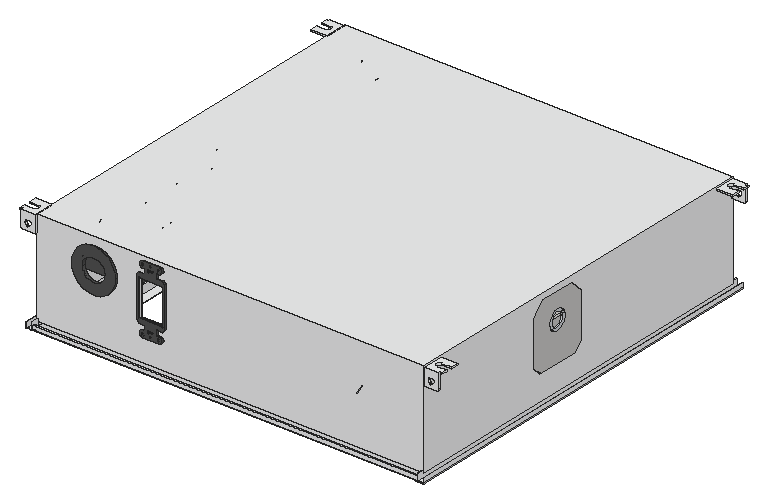
Revit family "AV-Connectivity_Ceiling-Boxes_CB-22_FSR", category Specialty Equipment, host Ceiling, Revit 2026 (continued)
Definition of nested family "CB-22-1"
  Forms (in)
    Extrusion 5, void
      sketch origin (0, -19.78167, 0) x (0, -1, 0) y (1, 0, 0)
        loop
          arc (-16.65046, -2.69674) -> (-16.54014, -2.69674) -> (-16.54014, -2.58642) r 0.07801
        loop
          line (-15.7424, -1.33454) -> (-16.33924, -1.93138)
          arc (-16.33924, -1.93138) -> (-16.33924, -2.04169) -> (-16.22892, -2.04169) r 0.07801
          line (-16.22892, -2.04169) -> (-15.63208, -1.44485)
          arc (-15.63208, -1.44485) -> (-15.63208, -1.33454) -> (-15.7424, -1.33454) r 0.07801
        loop
          line (-16.54014, -1.93138) -> (-17.13698, -1.33454)
          arc (-17.13698, -1.33454) -> (-17.2473, -1.33454) -> (-17.2473, -1.44485) r 0.07801
          line (-17.2473, -1.44485) -> (-16.65046, -2.04169)
          arc (-16.65046, -2.04169) -> (-16.54014, -2.04169) -> (-16.54014, -1.93138) r 0.07801
        loop
          line (-15.7424, -0.8345) -> (-16.33924, -1.43134)
          arc (-16.33924, -1.43134) -> (-16.33924, -1.54166) -> (-16.22892, -1.54166) r 0.07801
          line (-16.22892, -1.54166) -> (-15.63208, -0.94482)
          arc (-15.63208, -0.94482) -> (-15.63208, -0.8345) -> (-15.7424, -0.8345) r 0.07801
        loop
          line (-16.54014, -1.43134) -> (-17.13698, -0.8345)
          arc (-17.13698, -0.8345) -> (-17.2473, -0.8345) -> (-17.2473, -0.94482) r 0.07801
          line (-17.2473, -0.94482) -> (-16.65046, -1.54166)
          arc (-16.65046, -1.54166) -> (-16.54014, -1.54166) -> (-16.54014, -1.43134) r 0.07801
        loop
          line (-15.7424, -0.33571) -> (-16.33924, -0.93255)
          arc (-16.33924, -0.93255) -> (-16.33924, -1.04286) -> (-16.22892, -1.04286) r 0.07801
          line (-16.22892, -1.04286) -> (-15.63208, -0.44603)
          arc (-15.63208, -0.44603) -> (-15.63208, -0.33571) -> (-15.7424, -0.33571) r 0.07801
        loop
          line (-16.54014, -0.93255) -> (-17.13698, -0.33571)
          arc (-17.13698, -0.33571) -> (-17.2473, -0.33571) -> (-17.2473, -0.44603) r 0.07801
          line (-17.2473, -0.44603) -> (-16.65046, -1.04286)
          arc (-16.65046, -1.04286) -> (-16.54014, -1.04286) -> (-16.54014, -0.93255) r 0.07801
        loop
          line (-15.7424, 0.16556) -> (-16.33924, -0.43127)
          arc (-16.33924, -0.43127) -> (-16.33924, -0.54159) -> (-16.22892, -0.54159) r 0.07801
          line (-16.22892, -0.54159) -> (-15.63208, 0.05525)
          arc (-15.63208, 0.05525) -> (-15.63208, 0.16556) -> (-15.7424, 0.16556) r 0.07801
        loop
          line (-16.54014, -0.43127) -> (-17.13698, 0.16556)
          arc (-17.13698, 0.16556) -> (-17.2473, 0.16556) -> (-17.2473, 0.05525) r 0.07801
          line (-17.2473, 0.05525) -> (-16.65046, -0.54159)
          arc (-16.65046, -0.54159) -> (-16.54014, -0.54159) -> (-16.54014, -0.43127) r 0.07801
        loop
          line (-15.7424, 0.66436) -> (-16.33924, 0.06752)
          arc (-16.33924, 0.06752) -> (-16.33924, -0.0428) -> (-16.22892, -0.0428) r 0.07801
          line (-16.22892, -0.0428) -> (-15.63208, 0.55404)
          arc (-15.63208, 0.55404) -> (-15.63208, 0.66436) -> (-15.7424, 0.66436) r 0.07801
        loop
          line (-16.54014, 0.06752) -> (-17.13698, 0.66436)
          arc (-17.13698, 0.66436) -> (-17.2473, 0.66436) -> (-17.2473, 0.55404) r 0.07801
          line (-17.2473, 0.55404) -> (-16.65046, -0.0428)
          arc (-16.65046, -0.0428) -> (-16.54014, -0.0428) -> (-16.54014, 0.06752) r 0.07801
        loop
          line (-15.7424, 1.16439) -> (-16.33924, 0.56755)
          arc (-16.33924, 0.56755) -> (-16.33924, 0.45724) -> (-16.22892, 0.45724) r 0.07801
          line (-16.22892, 0.45724) -> (-15.63208, 1.05408)
          arc (-15.63208, 1.05408) -> (-15.63208, 1.16439) -> (-15.7424, 1.16439) r 0.07801
        loop
          line (-16.54014, 0.56755) -> (-17.13698, 1.16439)
          arc (-17.13698, 1.16439) -> (-17.2473, 1.16439) -> (-17.2473, 1.05408) r 0.07801
          line (-17.2473, 1.05408) -> (-16.65046, 0.45724)
          arc (-16.65046, 0.45724) -> (-16.54014, 0.45724) -> (-16.54014, 0.56755) r 0.07801
        loop
          line (-15.7424, 1.66319) -> (-16.33924, 1.06635)
          arc (-16.33924, 1.06635) -> (-16.33924, 0.95603) -> (-16.22892, 0.95603) r 0.07801
          line (-16.22892, 0.95603) -> (-15.63208, 1.55287)
          arc (-15.63208, 1.55287) -> (-15.63208, 1.66319) -> (-15.7424, 1.66319) r 0.07801
        loop
          line (-16.54014, 1.06635) -> (-17.13698, 1.66319)
          arc (-17.13698, 1.66319) -> (-17.2473, 1.66319) -> (-17.2473, 1.55287) r 0.07801
          line (-17.2473, 1.55287) -> (-16.65046, 0.95603)
          arc (-16.65046, 0.95603) -> (-16.54014, 0.95603) -> (-16.54014, 1.06635) r 0.07801
        loop
          line (-15.7424, 2.16694) -> (-16.33924, 1.5701)
          arc (-16.33924, 1.5701) -> (-16.33924, 1.45978) -> (-16.22892, 1.45978) r 0.07801
          line (-16.22892, 1.45978) -> (-15.63208, 2.05662)
          arc (-15.63208, 2.05662) -> (-15.63208, 2.16694) -> (-15.7424, 2.16694) r 0.07801
        loop
          line (-16.54014, 1.5701) -> (-17.13698, 2.16694)
          arc (-17.13698, 2.16694) -> (-17.2473, 2.16694) -> (-17.2473, 2.05662) r 0.07801
          line (-17.2473, 2.05662) -> (-16.65046, 1.45978)
          arc (-16.65046, 1.45978) -> (-16.54014, 1.45978) -> (-16.54014, 1.5701) r 0.07801
        loop
          line (-15.7424, 2.66573) -> (-16.33924, 2.0689)
          arc (-16.33924, 2.0689) -> (-16.33924, 1.95858) -> (-16.22892, 1.95858) r 0.07801
          line (-16.22892, 1.95858) -> (-15.63208, 2.55542)
          arc (-15.63208, 2.55542) -> (-15.63208, 2.66573) -> (-15.7424, 2.66573) r 0.07801
        loop
          line (-16.54014, 2.0689) -> (-17.13698, 2.66573)
          arc (-17.13698, 2.66573) -> (-17.2473, 2.66573) -> (-17.2473, 2.55542) r 0.07801
          line (-17.2473, 2.55542) -> (-16.65046, 1.95858)
          arc (-16.65046, 1.95858) -> (-16.54014, 1.95858) -> (-16.54014, 2.0689) r 0.07801
        loop
          arc (-15.7424, 7.89198) -> (-15.63208, 7.89198) -> (-15.63208, 8.0023) r 0.07801
          line (-15.63208, 8.0023) -> (-16.22892, 8.59913)
          arc (-16.22892, 8.59913) -> (-16.33924, 8.59913) -> (-16.33924, 8.48882) r 0.07801
          line (-16.33924, 8.48882) -> (-15.7424, 7.89198)
        loop
          arc (-16.54014, 8.48882) -> (-16.54014, 8.59913) -> (-16.65046, 8.59913) r 0.07801
          line (-16.65046, 8.59913) -> (-17.2473, 8.0023)
          arc (-17.2473, 8.0023) -> (-17.2473, 7.89198) -> (-17.13698, 7.89198) r 0.07801
          line (-17.13698, 7.89198) -> (-16.54014, 8.48882)
        loop
          arc (-15.7424, 7.23694) -> (-15.63208, 7.23694) -> (-15.63208, 7.34725) r 0.07801
          line (-15.63208, 7.34725) -> (-16.22892, 7.94409)
          arc (-16.22892, 7.94409) -> (-16.33924, 7.94409) -> (-16.33924, 7.83377) r 0.07801
          line (-16.33924, 7.83377) -> (-15.7424, 7.23694)
        loop
          arc (-16.54014, 7.83377) -> (-16.54014, 7.94409) -> (-16.65046, 7.94409) r 0.07801
          line (-16.65046, 7.94409) -> (-17.2473, 7.34725)
          arc (-17.2473, 7.34725) -> (-17.2473, 7.23694) -> (-17.13698, 7.23694) r 0.07801
          line (-17.13698, 7.23694) -> (-16.54014, 7.83377)
        loop
          arc (-15.7424, 6.7369) -> (-15.63208, 6.7369) -> (-15.63208, 6.84722) r 0.07801
          line (-15.63208, 6.84722) -> (-16.22892, 7.44406)
          arc (-16.22892, 7.44406) -> (-16.33924, 7.44406) -> (-16.33924, 7.33374) r 0.07801
          line (-16.33924, 7.33374) -> (-15.7424, 6.7369)
        loop
          arc (-16.54014, 7.33374) -> (-16.54014, 7.44406) -> (-16.65046, 7.44406) r 0.07801
          line (-16.65046, 7.44406) -> (-17.2473, 6.84722)
          arc (-17.2473, 6.84722) -> (-17.2473, 6.7369) -> (-17.13698, 6.7369) r 0.07801
          line (-17.13698, 6.7369) -> (-16.54014, 7.33374)
        loop
          arc (-15.7424, 6.23811) -> (-15.63208, 6.23811) -> (-15.63208, 6.34842) r 0.07801
          line (-15.63208, 6.34842) -> (-16.22892, 6.94526)
          arc (-16.22892, 6.94526) -> (-16.33924, 6.94526) -> (-16.33924, 6.83495) r 0.07801
          line (-16.33924, 6.83495) -> (-15.7424, 6.23811)
        loop
          arc (-16.54014, 6.83495) -> (-16.54014, 6.94526) -> (-16.65046, 6.94526) r 0.07801
          line (-16.65046, 6.94526) -> (-17.2473, 6.34842)
          arc (-17.2473, 6.34842) -> (-17.2473, 6.23811) -> (-17.13698, 6.23811) r 0.07801
          line (-17.13698, 6.23811) -> (-16.54014, 6.83495)
        loop
          arc (-15.7424, 5.73683) -> (-15.63208, 5.73683) -> (-15.63208, 5.84715) r 0.07801
          line (-15.63208, 5.84715) -> (-16.22892, 6.44399)
          arc (-16.22892, 6.44399) -> (-16.33924, 6.44399) -> (-16.33924, 6.33367) r 0.07801
          line (-16.33924, 6.33367) -> (-15.7424, 5.73683)
        loop
          arc (-16.54014, 6.33367) -> (-16.54014, 6.44399) -> (-16.65046, 6.44399) r 0.07801
          line (-16.65046, 6.44399) -> (-17.2473, 5.84715)
          arc (-17.2473, 5.84715) -> (-17.2473, 5.73683) -> (-17.13698, 5.73683) r 0.07801
          line (-17.13698, 5.73683) -> (-16.54014, 6.33367)
        loop
          arc (-15.7424, 5.23804) -> (-15.63208, 5.23804) -> (-15.63208, 5.34836) r 0.07801
          line (-15.63208, 5.34836) -> (-16.22892, 5.94519)
          arc (-16.22892, 5.94519) -> (-16.33924, 5.94519) -> (-16.33924, 5.83488) r 0.07801
          line (-16.33924, 5.83488) -> (-15.7424, 5.23804)
        loop
          arc (-16.54014, 5.83488) -> (-16.54014, 5.94519) -> (-16.65046, 5.94519) r 0.07801
          line (-16.65046, 5.94519) -> (-17.2473, 5.34836)
          arc (-17.2473, 5.34836) -> (-17.2473, 5.23804) -> (-17.13698, 5.23804) r 0.07801
          line (-17.13698, 5.23804) -> (-16.54014, 5.83488)
        loop
          arc (-15.7424, 4.73801) -> (-15.63208, 4.73801) -> (-15.63208, 4.84832) r 0.07801
          line (-15.63208, 4.84832) -> (-16.22892, 5.44516)
          arc (-16.22892, 5.44516) -> (-16.33924, 5.44516) -> (-16.33924, 5.33484) r 0.07801
          line (-16.33924, 5.33484) -> (-15.7424, 4.73801)
        loop
          arc (-16.54014, 5.33484) -> (-16.54014, 5.44516) -> (-16.65046, 5.44516) r 0.07801
          line (-16.65046, 5.44516) -> (-17.2473, 4.84832)
          arc (-17.2473, 4.84832) -> (-17.2473, 4.73801) -> (-17.13698, 4.73801) r 0.07801
          line (-17.13698, 4.73801) -> (-16.54014, 5.33484)
        loop
          arc (-15.7424, 4.23921) -> (-15.63208, 4.23921) -> (-15.63208, 4.34953) r 0.07801
          line (-15.63208, 4.34953) -> (-16.22892, 4.94637)
          arc (-16.22892, 4.94637) -> (-16.33924, 4.94637) -> (-16.33924, 4.83605) r 0.07801
          line (-16.33924, 4.83605) -> (-15.7424, 4.23921)
        loop
          arc (-16.54014, 4.83605) -> (-16.54014, 4.94637) -> (-16.65046, 4.94637) r 0.07801
          line (-16.65046, 4.94637) -> (-17.2473, 4.34953)
          arc (-17.2473, 4.34953) -> (-17.2473, 4.23921) -> (-17.13698, 4.23921) r 0.07801
          line (-17.13698, 4.23921) -> (-16.54014, 4.83605)
        loop
          arc (-15.7424, 3.73546) -> (-15.63208, 3.73546) -> (-15.63208, 3.84578) r 0.07801
          line (-15.63208, 3.84578) -> (-16.22892, 4.44261)
          arc (-16.22892, 4.44261) -> (-16.33924, 4.44261) -> (-16.33924, 4.3323) r 0.07801
          line (-16.33924, 4.3323) -> (-15.7424, 3.73546)
        loop
          arc (-16.54014, 4.3323) -> (-16.54014, 4.44261) -> (-16.65046, 4.44261) r 0.07801
          line (-16.65046, 4.44261) -> (-17.2473, 3.84578)
          arc (-17.2473, 3.84578) -> (-17.2473, 3.73546) -> (-17.13698, 3.73546) r 0.07801
          line (-17.13698, 3.73546) -> (-16.54014, 4.3323)
        loop
          arc (-15.7424, 3.23667) -> (-15.63208, 3.23667) -> (-15.63208, 3.34698) r 0.07801
          line (-15.63208, 3.34698) -> (-16.22892, 3.94382)
          arc (-16.22892, 3.94382) -> (-16.33924, 3.94382) -> (-16.33924, 3.8335) r 0.07801
          line (-16.33924, 3.8335) -> (-15.7424, 3.23667)
        loop
          arc (-16.54014, 3.8335) -> (-16.54014, 3.94382) -> (-16.65046, 3.94382) r 0.07801
          line (-16.65046, 3.94382) -> (-17.2473, 3.34698)
          arc (-17.2473, 3.34698) -> (-17.2473, 3.23667) -> (-17.13698, 3.23667) r 0.07801
          line (-17.13698, 3.23667) -> (-16.54014, 3.8335)
        loop
          line (-13.93145, -1.98958) -> (-14.52829, -2.58642)
          arc (-14.52829, -2.58642) -> (-14.52829, -2.69674) -> (-14.41798, -2.69674) r 0.07801
          line (-14.41798, -2.69674) -> (-13.82114, -2.0999)
          arc (-13.82114, -2.0999) -> (-13.82114, -1.98958) -> (-13.93145, -1.98958) r 0.07801
        loop
          line (-14.7292, -2.58642) -> (-15.32604, -1.98958)
          arc (-15.32604, -1.98958) -> (-15.43635, -1.98958) -> (-15.43635, -2.0999) r 0.07801
          line (-15.43635, -2.0999) -> (-14.83952, -2.69674)
          arc (-14.83952, -2.69674) -> (-14.7292, -2.69674) -> (-14.7292, -2.58642) r 0.07801
        loop
          line (-13.93145, -1.33454) -> (-14.52829, -1.93138)
          arc (-14.52829, -1.93138) -> (-14.52829, -2.04169) -> (-14.41798, -2.04169) r 0.07801
          line (-14.41798, -2.04169) -> (-13.82114, -1.44485)
          arc (-13.82114, -1.44485) -> (-13.82114, -1.33454) -> (-13.93145, -1.33454) r 0.07801
        loop
          line (-14.7292, -1.93138) -> (-15.32604, -1.33454)
          arc (-15.32604, -1.33454) -> (-15.43635, -1.33454) -> (-15.43635, -1.44485) r 0.07801
          line (-15.43635, -1.44485) -> (-14.83952, -2.04169)
          arc (-14.83952, -2.04169) -> (-14.7292, -2.04169) -> (-14.7292, -1.93138) r 0.07801
        loop
          line (-13.93145, -0.8345) -> (-14.52829, -1.43134)
          arc (-14.52829, -1.43134) -> (-14.52829, -1.54166) -> (-14.41798, -1.54166) r 0.07801
          line (-14.41798, -1.54166) -> (-13.82114, -0.94482)
          arc (-13.82114, -0.94482) -> (-13.82114, -0.8345) -> (-13.93145, -0.8345) r 0.07801
        loop
          line (-14.7292, -1.43134) -> (-15.32604, -0.8345)
          arc (-15.32604, -0.8345) -> (-15.43635, -0.8345) -> (-15.43635, -0.94482) r 0.07801
          line (-15.43635, -0.94482) -> (-14.83952, -1.54166)
          arc (-14.83952, -1.54166) -> (-14.7292, -1.54166) -> (-14.7292, -1.43134) r 0.07801
        loop
          line (-13.93145, -0.33571) -> (-14.52829, -0.93255)
          arc (-14.52829, -0.93255) -> (-14.52829, -1.04286) -> (-14.41798, -1.04286) r 0.07801
          line (-14.41798, -1.04286) -> (-13.82114, -0.44603)
          arc (-13.82114, -0.44603) -> (-13.82114, -0.33571) -> (-13.93145, -0.33571) r 0.07801
        loop
          line (-14.7292, -0.93255) -> (-15.32604, -0.33571)
          arc (-15.32604, -0.33571) -> (-15.43635, -0.33571) -> (-15.43635, -0.44603) r 0.07801
          line (-15.43635, -0.44603) -> (-14.83952, -1.04286)
          arc (-14.83952, -1.04286) -> (-14.7292, -1.04286) -> (-14.7292, -0.93255) r 0.07801
        loop
          line (-13.93145, 0.16556) -> (-14.52829, -0.43127)
          arc (-14.52829, -0.43127) -> (-14.52829, -0.54159) -> (-14.41798, -0.54159) r 0.07801
          line (-14.41798, -0.54159) -> (-13.82114, 0.05525)
          arc (-13.82114, 0.05525) -> (-13.82114, 0.16556) -> (-13.93145, 0.16556) r 0.07801
        loop
          line (-14.7292, -0.43127) -> (-15.32604, 0.16556)
          arc (-15.32604, 0.16556) -> (-15.43635, 0.16556) -> (-15.43635, 0.05525) r 0.07801
          line (-15.43635, 0.05525) -> (-14.83952, -0.54159)
          arc (-14.83952, -0.54159) -> (-14.7292, -0.54159) -> (-14.7292, -0.43127) r 0.07801
        loop
          line (-13.93145, 0.66436) -> (-14.52829, 0.06752)
          arc (-14.52829, 0.06752) -> (-14.52829, -0.0428) -> (-14.41798, -0.0428) r 0.07801
          line (-14.41798, -0.0428) -> (-13.82114, 0.55404)
          arc (-13.82114, 0.55404) -> (-13.82114, 0.66436) -> (-13.93145, 0.66436) r 0.07801
        loop
          line (-14.7292, 0.06752) -> (-15.32604, 0.66436)
          arc (-15.32604, 0.66436) -> (-15.43635, 0.66436) -> (-15.43635, 0.55404) r 0.07801
          line (-15.43635, 0.55404) -> (-14.83952, -0.0428)
          arc (-14.83952, -0.0428) -> (-14.7292, -0.0428) -> (-14.7292, 0.06752) r 0.07801
        loop
          line (-13.93145, 1.16439) -> (-14.52829, 0.56755)
          arc (-14.52829, 0.56755) -> (-14.52829, 0.45724) -> (-14.41798, 0.45724) r 0.07801
          line (-14.41798, 0.45724) -> (-13.82114, 1.05408)
          arc (-13.82114, 1.05408) -> (-13.82114, 1.16439) -> (-13.93145, 1.16439) r 0.07801
        loop
          line (-14.7292, 0.56755) -> (-15.32604, 1.16439)
          arc (-15.32604, 1.16439) -> (-15.43635, 1.16439) -> (-15.43635, 1.05408) r 0.07801
          line (-15.43635, 1.05408) -> (-14.83952, 0.45724)
          arc (-14.83952, 0.45724) -> (-14.7292, 0.45724) -> (-14.7292, 0.56755) r 0.07801
        loop
          line (-13.93145, 1.66319) -> (-14.52829, 1.06635)
          arc (-14.52829, 1.06635) -> (-14.52829, 0.95603) -> (-14.41798, 0.95603) r 0.07801
          line (-14.41798, 0.95603) -> (-13.82114, 1.55287)
          arc (-13.82114, 1.55287) -> (-13.82114, 1.66319) -> (-13.93145, 1.66319) r 0.07801
        loop
          line (-14.7292, 1.06635) -> (-15.32604, 1.66319)
          arc (-15.32604, 1.66319) -> (-15.43635, 1.66319) -> (-15.43635, 1.55287) r 0.07801
          line (-15.43635, 1.55287) -> (-14.83952, 0.95603)
          arc (-14.83952, 0.95603) -> (-14.7292, 0.95603) -> (-14.7292, 1.06635) r 0.07801
        loop
          line (-13.93145, 2.16694) -> (-14.52829, 1.5701)
          arc (-14.52829, 1.5701) -> (-14.52829, 1.45978) -> (-14.41798, 1.45978) r 0.07801
          line (-14.41798, 1.45978) -> (-13.82114, 2.05662)
          arc (-13.82114, 2.05662) -> (-13.82114, 2.16694) -> (-13.93145, 2.16694) r 0.07801
        loop
          line (-14.7292, 1.5701) -> (-15.32604, 2.16694)
          arc (-15.32604, 2.16694) -> (-15.43635, 2.16694) -> (-15.43635, 2.05662) r 0.07801
          line (-15.43635, 2.05662) -> (-14.83952, 1.45978)
          arc (-14.83952, 1.45978) -> (-14.7292, 1.45978) -> (-14.7292, 1.5701) r 0.07801
        loop
          line (-13.93145, 2.66573) -> (-14.52829, 2.0689)
          arc (-14.52829, 2.0689) -> (-14.52829, 1.95858) -> (-14.41798, 1.95858) r 0.07801
          line (-14.41798, 1.95858) -> (-13.82114, 2.55542)
          arc (-13.82114, 2.55542) -> (-13.82114, 2.66573) -> (-13.93145, 2.66573) r 0.07801
        loop
          line (-14.7292, 2.0689) -> (-15.32604, 2.66573)
          arc (-15.32604, 2.66573) -> (-15.43635, 2.66573) -> (-15.43635, 2.55542) r 0.07801
          line (-15.43635, 2.55542) -> (-14.83952, 1.95858)
          arc (-14.83952, 1.95858) -> (-14.7292, 1.95858) -> (-14.7292, 2.0689) r 0.07801
        loop
          arc (-13.93145, 7.89198) -> (-13.82114, 7.89198) -> (-13.82114, 8.0023) r 0.07801
          line (-13.82114, 8.0023) -> (-14.41798, 8.59913)
          arc (-14.41798, 8.59913) -> (-14.52829, 8.59913) -> (-14.52829, 8.48882) r 0.07801
          line (-14.52829, 8.48882) -> (-13.93145, 7.89198)
        loop
          arc (-14.7292, 8.48882) -> (-14.7292, 8.59913) -> (-14.83952, 8.59913) r 0.07801
          line (-14.83952, 8.59913) -> (-15.43635, 8.0023)
          arc (-15.43635, 8.0023) -> (-15.43635, 7.89198) -> (-15.32604, 7.89198) r 0.07801
          line (-15.32604, 7.89198) -> (-14.7292, 8.48882)
        loop
          arc (-13.93145, 7.23694) -> (-13.82114, 7.23694) -> (-13.82114, 7.34725) r 0.07801
          line (-13.82114, 7.34725) -> (-14.41798, 7.94409)
          arc (-14.41798, 7.94409) -> (-14.52829, 7.94409) -> (-14.52829, 7.83377) r 0.07801
          line (-14.52829, 7.83377) -> (-13.93145, 7.23694)
        loop
          arc (-14.7292, 7.83377) -> (-14.7292, 7.94409) -> (-14.83952, 7.94409) r 0.07801
          line (-14.83952, 7.94409) -> (-15.43635, 7.34725)
          arc (-15.43635, 7.34725) -> (-15.43635, 7.23694) -> (-15.32604, 7.23694) r 0.07801
          line (-15.32604, 7.23694) -> (-14.7292, 7.83377)
        loop
          arc (-13.93145, 6.7369) -> (-13.82114, 6.7369) -> (-13.82114, 6.84722) r 0.07801
          line (-13.82114, 6.84722) -> (-14.41798, 7.44406)
          arc (-14.41798, 7.44406) -> (-14.52829, 7.44406) -> (-14.52829, 7.33374) r 0.07801
          line (-14.52829, 7.33374) -> (-13.93145, 6.7369)
        loop
          arc (-14.7292, 7.33374) -> (-14.7292, 7.44406) -> (-14.83952, 7.44406) r 0.07801
          line (-14.83952, 7.44406) -> (-15.43635, 6.84722)
          arc (-15.43635, 6.84722) -> (-15.43635, 6.7369) -> (-15.32604, 6.7369) r 0.07801
          line (-15.32604, 6.7369) -> (-14.7292, 7.33374)
        loop
          arc (-13.93145, 6.23811) -> (-13.82114, 6.23811) -> (-13.82114, 6.34842) r 0.07801
          line (-13.82114, 6.34842) -> (-14.41798, 6.94526)
          arc (-14.41798, 6.94526) -> (-14.52829, 6.94526) -> (-14.52829, 6.83495) r 0.07801
          line (-14.52829, 6.83495) -> (-13.93145, 6.23811)
        loop
          arc (-14.7292, 6.83495) -> (-14.7292, 6.94526) -> (-14.83952, 6.94526) r 0.07801
          line (-14.83952, 6.94526) -> (-15.43635, 6.34842)
          arc (-15.43635, 6.34842) -> (-15.43635, 6.23811) -> (-15.32604, 6.23811) r 0.07801
          line (-15.32604, 6.23811) -> (-14.7292, 6.83495)
        loop
          arc (-13.93145, 5.73683) -> (-13.82114, 5.73683) -> (-13.82114, 5.84715) r 0.07801
          line (-13.82114, 5.84715) -> (-14.41798, 6.44399)
          arc (-14.41798, 6.44399) -> (-14.52829, 6.44399) -> (-14.52829, 6.33367) r 0.07801
          line (-14.52829, 6.33367) -> (-13.93145, 5.73683)
        loop
          arc (-14.7292, 6.33367) -> (-14.7292, 6.44399) -> (-14.83952, 6.44399) r 0.07801
          line (-14.83952, 6.44399) -> (-15.43635, 5.84715)
          arc (-15.43635, 5.84715) -> (-15.43635, 5.73683) -> (-15.32604, 5.73683) r 0.07801
          line (-15.32604, 5.73683) -> (-14.7292, 6.33367)
        loop
          arc (-13.93145, 5.23804) -> (-13.82114, 5.23804) -> (-13.82114, 5.34836) r 0.07801
          line (-13.82114, 5.34836) -> (-14.41798, 5.94519)
          arc (-14.41798, 5.94519) -> (-14.52829, 5.94519) -> (-14.52829, 5.83488) r 0.07801
          line (-14.52829, 5.83488) -> (-13.93145, 5.23804)
        loop
          arc (-14.7292, 5.83488) -> (-14.7292, 5.94519) -> (-14.83952, 5.94519) r 0.07801
          line (-14.83952, 5.94519) -> (-15.43635, 5.34836)
          arc (-15.43635, 5.34836) -> (-15.43635, 5.23804) -> (-15.32604, 5.23804) r 0.07801
          line (-15.32604, 5.23804) -> (-14.7292, 5.83488)
        loop
          arc (-13.93145, 4.73801) -> (-13.82114, 4.73801) -> (-13.82114, 4.84832) r 0.07801
          line (-13.82114, 4.84832) -> (-14.41798, 5.44516)
          arc (-14.41798, 5.44516) -> (-14.52829, 5.44516) -> (-14.52829, 5.33484) r 0.07801
          line (-14.52829, 5.33484) -> (-13.93145, 4.73801)
        loop
          arc (-14.7292, 5.33484) -> (-14.7292, 5.44516) -> (-14.83952, 5.44516) r 0.07801
          line (-14.83952, 5.44516) -> (-15.43635, 4.84832)
          arc (-15.43635, 4.84832) -> (-15.43635, 4.73801) -> (-15.32604, 4.73801) r 0.07801
          line (-15.32604, 4.73801) -> (-14.7292, 5.33484)
        loop
          arc (-13.93145, 4.23921) -> (-13.82114, 4.23921) -> (-13.82114, 4.34953) r 0.07801
          line (-13.82114, 4.34953) -> (-14.41798, 4.94637)
          arc (-14.41798, 4.94637) -> (-14.52829, 4.94637) -> (-14.52829, 4.83605) r 0.07801
          line (-14.52829, 4.83605) -> (-13.93145, 4.23921)
        loop
          arc (-14.7292, 4.83605) -> (-14.7292, 4.94637) -> (-14.83952, 4.94637) r 0.07801
          line (-14.83952, 4.94637) -> (-15.43635, 4.34953)
          arc (-15.43635, 4.34953) -> (-15.43635, 4.23921) -> (-15.32604, 4.23921) r 0.07801
          line (-15.32604, 4.23921) -> (-14.7292, 4.83605)
        loop
          arc (-13.93145, 3.73546) -> (-13.82114, 3.73546) -> (-13.82114, 3.84578) r 0.07801
          line (-13.82114, 3.84578) -> (-14.41798, 4.44261)
          arc (-14.41798, 4.44261) -> (-14.52829, 4.44261) -> (-14.52829, 4.3323) r 0.07801
          line (-14.52829, 4.3323) -> (-13.93145, 3.73546)
        loop
          arc (-14.7292, 4.3323) -> (-14.7292, 4.44261) -> (-14.83952, 4.44261) r 0.07801
          line (-14.83952, 4.44261) -> (-15.43635, 3.84578)
          arc (-15.43635, 3.84578) -> (-15.43635, 3.73546) -> (-15.32604, 3.73546) r 0.07801
          line (-15.32604, 3.73546) -> (-14.7292, 4.3323)
        loop
          arc (-13.93145, 3.23667) -> (-13.82114, 3.23667) -> (-13.82114, 3.34698) r 0.07801
          line (-13.82114, 3.34698) -> (-14.41798, 3.94382)
          arc (-14.41798, 3.94382) -> (-14.52829, 3.94382) -> (-14.52829, 3.8335) r 0.07801
          line (-14.52829, 3.8335) -> (-13.93145, 3.23667)
        loop
          arc (-14.7292, 3.8335) -> (-14.7292, 3.94382) -> (-14.83952, 3.94382) r 0.07801
          line (-14.83952, 3.94382) -> (-15.43635, 3.34698)
          arc (-15.43635, 3.34698) -> (-15.43635, 3.23667) -> (-15.32604, 3.23667) r 0.07801
          line (-15.32604, 3.23667) -> (-14.7292, 3.8335)
        loop
          arc (-11.97418, -1.98958) -> (-12.0845, -1.98958) -> (-12.0845, -2.0999) r 0.07801
          line (-12.0845, -2.0999) -> (-11.48766, -2.69674)
          arc (-11.48766, -2.69674) -> (-11.37734, -2.69674) -> (-11.37734, -2.58642) r 0.07801
          line (-11.37734, -2.58642) -> (-11.97418, -1.98958)
        loop
          arc (-11.17644, -2.58642) -> (-11.17644, -2.69674) -> (-11.06612, -2.69674) r 0.07801
          line (-11.06612, -2.69674) -> (-10.46928, -2.0999)
          arc (-10.46928, -2.0999) -> (-10.46928, -1.98958) -> (-10.5796, -1.98958) r 0.07801
          line (-10.5796, -1.98958) -> (-11.17644, -2.58642)
        loop
          arc (-11.97418, -1.33454) -> (-12.0845, -1.33454) -> (-12.0845, -1.44485) r 0.07801
          line (-12.0845, -1.44485) -> (-11.48766, -2.04169)
          arc (-11.48766, -2.04169) -> (-11.37734, -2.04169) -> (-11.37734, -1.93138) r 0.07801
          line (-11.37734, -1.93138) -> (-11.97418, -1.33454)
        loop
          arc (-11.17644, -1.93138) -> (-11.17644, -2.04169) -> (-11.06612, -2.04169) r 0.07801
          line (-11.06612, -2.04169) -> (-10.46928, -1.44485)
          arc (-10.46928, -1.44485) -> (-10.46928, -1.33454) -> (-10.5796, -1.33454) r 0.07801
          line (-10.5796, -1.33454) -> (-11.17644, -1.93138)
        loop
          arc (-11.97418, -0.8345) -> (-12.0845, -0.8345) -> (-12.0845, -0.94482) r 0.07801
          line (-12.0845, -0.94482) -> (-11.48766, -1.54166)
          arc (-11.48766, -1.54166) -> (-11.37734, -1.54166) -> (-11.37734, -1.43134) r 0.07801
          line (-11.37734, -1.43134) -> (-11.97418, -0.8345)
        loop
          arc (-11.17644, -1.43134) -> (-11.17644, -1.54166) -> (-11.06612, -1.54166) r 0.07801
          line (-11.06612, -1.54166) -> (-10.46928, -0.94482)
          arc (-10.46928, -0.94482) -> (-10.46928, -0.8345) -> (-10.5796, -0.8345) r 0.07801
          line (-10.5796, -0.8345) -> (-11.17644, -1.43134)
        loop
          arc (-11.97418, -0.33571) -> (-12.0845, -0.33571) -> (-12.0845, -0.44603) r 0.07801
          line (-12.0845, -0.44603) -> (-11.48766, -1.04286)
          arc (-11.48766, -1.04286) -> (-11.37734, -1.04286) -> (-11.37734, -0.93255) r 0.07801
          line (-11.37734, -0.93255) -> (-11.97418, -0.33571)
        loop
          arc (-11.17644, -0.93255) -> (-11.17644, -1.04286) -> (-11.06612, -1.04286) r 0.07801
          line (-11.06612, -1.04286) -> (-10.46928, -0.44603)
          arc (-10.46928, -0.44603) -> (-10.46928, -0.33571) -> (-10.5796, -0.33571) r 0.07801
          line (-10.5796, -0.33571) -> (-11.17644, -0.93255)
        loop
          arc (-11.97418, 0.16556) -> (-12.0845, 0.16556) -> (-12.0845, 0.05525) r 0.07801
          line (-12.0845, 0.05525) -> (-11.48766, -0.54159)
          arc (-11.48766, -0.54159) -> (-11.37734, -0.54159) -> (-11.37734, -0.43127) r 0.07801
          line (-11.37734, -0.43127) -> (-11.97418, 0.16556)
        loop
          arc (-11.17644, -0.43127) -> (-11.17644, -0.54159) -> (-11.06612, -0.54159) r 0.07801
          line (-11.06612, -0.54159) -> (-10.46928, 0.05525)
          arc (-10.46928, 0.05525) -> (-10.46928, 0.16556) -> (-10.5796, 0.16556) r 0.07801
          line (-10.5796, 0.16556) -> (-11.17644, -0.43127)
        loop
          arc (-11.97418, 0.66436) -> (-12.0845, 0.66436) -> (-12.0845, 0.55404) r 0.07801
          line (-12.0845, 0.55404) -> (-11.48766, -0.0428)
          arc (-11.48766, -0.0428) -> (-11.37734, -0.0428) -> (-11.37734, 0.06752) r 0.07801
          line (-11.37734, 0.06752) -> (-11.97418, 0.66436)
        loop
          arc (-11.17644, 0.06752) -> (-11.17644, -0.0428) -> (-11.06612, -0.0428) r 0.07801
          line (-11.06612, -0.0428) -> (-10.46928, 0.55404)
          arc (-10.46928, 0.55404) -> (-10.46928, 0.66436) -> (-10.5796, 0.66436) r 0.07801
          line (-10.5796, 0.66436) -> (-11.17644, 0.06752)
        loop
          arc (-11.97418, 1.16439) -> (-12.0845, 1.16439) -> (-12.0845, 1.05408) r 0.07801
          line (-12.0845, 1.05408) -> (-11.48766, 0.45724)
          arc (-11.48766, 0.45724) -> (-11.37734, 0.45724) -> (-11.37734, 0.56755) r 0.07801
          line (-11.37734, 0.56755) -> (-11.97418, 1.16439)
        loop
          arc (-11.17644, 0.56755) -> (-11.17644, 0.45724) -> (-11.06612, 0.45724) r 0.07801
          line (-11.06612, 0.45724) -> (-10.46928, 1.05408)
          arc (-10.46928, 1.05408) -> (-10.46928, 1.16439) -> (-10.5796, 1.16439) r 0.07801
          line (-10.5796, 1.16439) -> (-11.17644, 0.56755)
        loop
          arc (-11.97418, 1.66319) -> (-12.0845, 1.66319) -> (-12.0845, 1.55287) r 0.07801
          line (-12.0845, 1.55287) -> (-11.48766, 0.95603)
          arc (-11.48766, 0.95603) -> (-11.37734, 0.95603) -> (-11.37734, 1.06635) r 0.07801
          line (-11.37734, 1.06635) -> (-11.97418, 1.66319)
        loop
          arc (-11.17644, 1.06635) -> (-11.17644, 0.95603) -> (-11.06612, 0.95603) r 0.07801
          line (-11.06612, 0.95603) -> (-10.46928, 1.55287)
          arc (-10.46928, 1.55287) -> (-10.46928, 1.66319) -> (-10.5796, 1.66319) r 0.07801
          line (-10.5796, 1.66319) -> (-11.17644, 1.06635)
        loop
          arc (-11.97418, 2.16694) -> (-12.0845, 2.16694) -> (-12.0845, 2.05662) r 0.07801
          line (-12.0845, 2.05662) -> (-11.48766, 1.45978)
          arc (-11.48766, 1.45978) -> (-11.37734, 1.45978) -> (-11.37734, 1.5701) r 0.07801
          line (-11.37734, 1.5701) -> (-11.97418, 2.16694)
        loop
          arc (-11.17644, 1.5701) -> (-11.17644, 1.45978) -> (-11.06612, 1.45978) r 0.07801
          line (-11.06612, 1.45978) -> (-10.46928, 2.05662)
          arc (-10.46928, 2.05662) -> (-10.46928, 2.16694) -> (-10.5796, 2.16694) r 0.07801
          line (-10.5796, 2.16694) -> (-11.17644, 1.5701)
        loop
          arc (-11.97418, 2.66573) -> (-12.0845, 2.66573) -> (-12.0845, 2.55542) r 0.07801
          line (-12.0845, 2.55542) -> (-11.48766, 1.95858)
          arc (-11.48766, 1.95858) -> (-11.37734, 1.95858) -> (-11.37734, 2.0689) r 0.07801
          line (-11.37734, 2.0689) -> (-11.97418, 2.66573)
        loop
          arc (-11.17644, 2.0689) -> (-11.17644, 1.95858) -> (-11.06612, 1.95858) r 0.07801
          line (-11.06612, 1.95858) -> (-10.46928, 2.55542)
          arc (-10.46928, 2.55542) -> (-10.46928, 2.66573) -> (-10.5796, 2.66573) r 0.07801
          line (-10.5796, 2.66573) -> (-11.17644, 2.0689)
        loop
          line (-11.97418, 7.89198) -> (-11.37734, 8.48882)
          arc (-11.37734, 8.48882) -> (-11.37734, 8.59913) -> (-11.48766, 8.59913) r 0.07801
          line (-11.48766, 8.59913) -> (-12.0845, 8.0023)
          arc (-12.0845, 8.0023) -> (-12.0845, 7.89198) -> (-11.97418, 7.89198) r 0.07801
        loop
          line (-11.17644, 8.48882) -> (-10.5796, 7.89198)
          arc (-10.5796, 7.89198) -> (-10.46928, 7.89198) -> (-10.46928, 8.0023) r 0.07801
          line (-10.46928, 8.0023) -> (-11.06612, 8.59913)
          arc (-11.06612, 8.59913) -> (-11.17644, 8.59913) -> (-11.17644, 8.48882) r 0.07801
        loop
          line (-11.97418, 7.23694) -> (-11.37734, 7.83377)
          arc (-11.37734, 7.83377) -> (-11.37734, 7.94409) -> (-11.48766, 7.94409) r 0.07801
          line (-11.48766, 7.94409) -> (-12.0845, 7.34725)
          arc (-12.0845, 7.34725) -> (-12.0845, 7.23694) -> (-11.97418, 7.23694) r 0.07801
        loop
          line (-11.17644, 7.83377) -> (-10.5796, 7.23694)
          arc (-10.5796, 7.23694) -> (-10.46928, 7.23694) -> (-10.46928, 7.34725) r 0.07801
          line (-10.46928, 7.34725) -> (-11.06612, 7.94409)
          arc (-11.06612, 7.94409) -> (-11.17644, 7.94409) -> (-11.17644, 7.83377) r 0.07801
        loop
          line (-11.97418, 6.7369) -> (-11.37734, 7.33374)
          arc (-11.37734, 7.33374) -> (-11.37734, 7.44406) -> (-11.48766, 7.44406) r 0.07801
          line (-11.48766, 7.44406) -> (-12.0845, 6.84722)
          arc (-12.0845, 6.84722) -> (-12.0845, 6.7369) -> (-11.97418, 6.7369) r 0.07801
        loop
          line (-11.17644, 7.33374) -> (-10.5796, 6.7369)
          arc (-10.5796, 6.7369) -> (-10.46928, 6.7369) -> (-10.46928, 6.84722) r 0.07801
          line (-10.46928, 6.84722) -> (-11.06612, 7.44406)
          arc (-11.06612, 7.44406) -> (-11.17644, 7.44406) -> (-11.17644, 7.33374) r 0.07801
        loop
          line (-11.97418, 6.23811) -> (-11.37734, 6.83495)
          arc (-11.37734, 6.83495) -> (-11.37734, 6.94526) -> (-11.48766, 6.94526) r 0.07801
          line (-11.48766, 6.94526) -> (-12.0845, 6.34842)
          arc (-12.0845, 6.34842) -> (-12.0845, 6.23811) -> (-11.97418, 6.23811) r 0.07801
        loop
          line (-11.17644, 6.83495) -> (-10.5796, 6.23811)
          arc (-10.5796, 6.23811) -> (-10.46928, 6.23811) -> (-10.46928, 6.34842) r 0.07801
          line (-10.46928, 6.34842) -> (-11.06612, 6.94526)
          arc (-11.06612, 6.94526) -> (-11.17644, 6.94526) -> (-11.17644, 6.83495) r 0.07801
        loop
          line (-11.97418, 5.73683) -> (-11.37734, 6.33367)
          arc (-11.37734, 6.33367) -> (-11.37734, 6.44399) -> (-11.48766, 6.44399) r 0.07801
          line (-11.48766, 6.44399) -> (-12.0845, 5.84715)
          arc (-12.0845, 5.84715) -> (-12.0845, 5.73683) -> (-11.97418, 5.73683) r 0.07801
        loop
          line (-11.17644, 6.33367) -> (-10.5796, 5.73683)
          arc (-10.5796, 5.73683) -> (-10.46928, 5.73683) -> (-10.46928, 5.84715) r 0.07801
          line (-10.46928, 5.84715) -> (-11.06612, 6.44399)
          arc (-11.06612, 6.44399) -> (-11.17644, 6.44399) -> (-11.17644, 6.33367) r 0.07801
        loop
          line (-11.97418, 5.23804) -> (-11.37734, 5.83488)
          arc (-11.37734, 5.83488) -> (-11.37734, 5.94519) -> (-11.48766, 5.94519) r 0.07801
          line (-11.48766, 5.94519) -> (-12.0845, 5.34836)
          arc (-12.0845, 5.34836) -> (-12.0845, 5.23804) -> (-11.97418, 5.23804) r 0.07801
        loop
          line (-11.17644, 5.83488) -> (-10.5796, 5.23804)
          arc (-10.5796, 5.23804) -> (-10.46928, 5.23804) -> (-10.46928, 5.34836) r 0.07801
          line (-10.46928, 5.34836) -> (-11.06612, 5.94519)
          arc (-11.06612, 5.94519) -> (-11.17644, 5.94519) -> (-11.17644, 5.83488) r 0.07801
        loop
          line (-11.97418, 4.73801) -> (-11.37734, 5.33484)
          arc (-11.37734, 5.33484) -> (-11.37734, 5.44516) -> (-11.48766, 5.44516) r 0.07801
          line (-11.48766, 5.44516) -> (-12.0845, 4.84832)
          arc (-12.0845, 4.84832) -> (-12.0845, 4.73801) -> (-11.97418, 4.73801) r 0.07801
        loop
          line (-11.17644, 5.33484) -> (-10.5796, 4.73801)
          arc (-10.5796, 4.73801) -> (-10.46928, 4.73801) -> (-10.46928, 4.84832) r 0.07801
          line (-10.46928, 4.84832) -> (-11.06612, 5.44516)
          arc (-11.06612, 5.44516) -> (-11.17644, 5.44516) -> (-11.17644, 5.33484) r 0.07801
        loop
          line (-11.97418, 4.23921) -> (-11.37734, 4.83605)
          arc (-11.37734, 4.83605) -> (-11.37734, 4.94637) -> (-11.48766, 4.94637) r 0.07801
          line (-11.48766, 4.94637) -> (-12.0845, 4.34953)
          arc (-12.0845, 4.34953) -> (-12.0845, 4.23921) -> (-11.97418, 4.23921) r 0.07801
        loop
          line (-11.17644, 4.83605) -> (-10.5796, 4.23921)
          arc (-10.5796, 4.23921) -> (-10.46928, 4.23921) -> (-10.46928, 4.34953) r 0.07801
          line (-10.46928, 4.34953) -> (-11.06612, 4.94637)
          arc (-11.06612, 4.94637) -> (-11.17644, 4.94637) -> (-11.17644, 4.83605) r 0.07801
        loop
          line (-11.97418, 3.73546) -> (-11.37734, 4.3323)
          arc (-11.37734, 4.3323) -> (-11.37734, 4.44261) -> (-11.48766, 4.44261) r 0.07801
          line (-11.48766, 4.44261) -> (-12.0845, 3.84578)
          arc (-12.0845, 3.84578) -> (-12.0845, 3.73546) -> (-11.97418, 3.73546) r 0.07801
        loop
          line (-11.17644, 4.3323) -> (-10.5796, 3.73546)
          arc (-10.5796, 3.73546) -> (-10.46928, 3.73546) -> (-10.46928, 3.84578) r 0.07801
          line (-10.46928, 3.84578) -> (-11.06612, 4.44261)
          arc (-11.06612, 4.44261) -> (-11.17644, 4.44261) -> (-11.17644, 4.3323) r 0.07801
        loop
          line (-11.97418, 3.23667) -> (-11.37734, 3.8335)
          arc (-11.37734, 3.8335) -> (-11.37734, 3.94382) -> (-11.48766, 3.94382) r 0.07801
          line (-11.48766, 3.94382) -> (-12.0845, 3.34698)
          arc (-12.0845, 3.34698) -> (-12.0845, 3.23667) -> (-11.97418, 3.23667) r 0.07801
        loop
          line (-11.17644, 3.8335) -> (-10.5796, 3.23667)
          arc (-10.5796, 3.23667) -> (-10.46928, 3.23667) -> (-10.46928, 3.34698) r 0.07801
          line (-10.46928, 3.34698) -> (-11.06612, 3.94382)
          arc (-11.06612, 3.94382) -> (-11.17644, 3.94382) -> (-11.17644, 3.8335) r 0.07801
        loop
          circle (-29.25111, -2.45417) r 0.10151
        loop
          circle (-29.25111, -1.82912) r 0.10151
        loop
          circle (-29.25111, -1.20408) r 0.10151
        loop
          circle (-29.25111, -0.57904) r 0.10151
        loop
          circle (-27.75126, -2.64218) r 0.07801
        loop
          circle (-27.84527, -2.00214) r 0.07801
        loop
          line (-26.61019, -2.59418) -> (-27.45424, -2.59418)
          arc (-27.45424, -2.59418) -> (-27.53225, -2.67218) -> (-27.45424, -2.75019) r 0.07801
          line (-27.45424, -2.75019) -> (-26.61019, -2.75019)
          arc (-26.61019, -2.75019) -> (-26.53218, -2.67218) -> (-26.61019, -2.59418) r 0.07801
        loop
          arc (-28.95434, 3.0292) -> (-29.03235, 2.9512) -> (-28.95434, 2.87319) r 0.07801
          line (-28.95434, 2.87319) -> (-28.11029, 2.87319)
          arc (-28.11029, 2.87319) -> (-28.03228, 2.9512) -> (-28.11029, 3.0292) r 0.07801
          line (-28.11029, 3.0292) -> (-28.95434, 3.0292)
        loop
          arc (-27.45424, 3.0292) -> (-27.53225, 2.9512) -> (-27.45424, 2.87319) r 0.07801
          line (-27.45424, 2.87319) -> (-26.61019, 2.87319)
          arc (-26.61019, 2.87319) -> (-26.53218, 2.9512) -> (-26.61019, 3.0292) r 0.07801
          line (-26.61019, 3.0292) -> (-27.45424, 3.0292)
        loop
          line (-23.60998, -2.59418) -> (-24.45404, -2.59418)
          arc (-24.45404, -2.59418) -> (-24.53204, -2.67218) -> (-24.45404, -2.75019) r 0.07801
          line (-24.45404, -2.75019) -> (-23.60998, -2.75019)
          arc (-23.60998, -2.75019) -> (-23.53198, -2.67218) -> (-23.60998, -2.59418) r 0.07801
        loop
          arc (-25.48511, -2.75019) -> (-25.4071, -2.67218) -> (-25.48511, -2.59418) r 0.07801
          line (-25.48511, -2.59418) -> (-25.57912, -2.59418)
          arc (-25.57912, -2.59418) -> (-25.65712, -2.67218) -> (-25.57912, -2.75019) r 0.07801
          line (-25.57912, -2.75019) -> (-25.48511, -2.75019)
        loop
          circle (-24.46904, -2.00214) r 0.07801
        loop
          circle (-23.59498, -2.00214) r 0.07801
        loop
          arc (-22.48491, -2.75019) -> (-22.4069, -2.67218) -> (-22.48491, -2.59418) r 0.07801
          line (-22.48491, -2.59418) -> (-22.57891, -2.59418)
          arc (-22.57891, -2.59418) -> (-22.65692, -2.67218) -> (-22.57891, -2.75019) r 0.07801
          line (-22.57891, -2.75019) -> (-22.48491, -2.75019)
        loop
          line (-20.60978, -2.59418) -> (-21.45384, -2.59418)
          arc (-21.45384, -2.59418) -> (-21.53184, -2.67218) -> (-21.45384, -2.75019) r 0.07801
          line (-21.45384, -2.75019) -> (-20.60978, -2.75019)
          arc (-20.60978, -2.75019) -> (-20.53177, -2.67218) -> (-20.60978, -2.59418) r 0.07801
        loop
          circle (-20.31276, -2.64218) r 0.07801
        loop
          circle (-20.21875, -2.00214) r 0.07801
        loop
          circle (-19.34469, -2.00214) r 0.07801
        loop
          circle (-19.25069, -2.64218) r 0.07801
        loop
          line (-18.10961, -2.59418) -> (-18.95367, -2.59418)
          arc (-18.95367, -2.59418) -> (-19.03167, -2.67218) -> (-18.95367, -2.75019) r 0.07801
          line (-18.95367, -2.75019) -> (-18.10961, -2.75019)
          arc (-18.10961, -2.75019) -> (-18.03161, -2.67218) -> (-18.10961, -2.59418) r 0.07801
        loop
          line (-12.10921, -2.59418) -> (-12.95326, -2.59418)
          arc (-12.95326, -2.59418) -> (-13.03127, -2.67218) -> (-12.95326, -2.75019) r 0.07801
          line (-12.95326, -2.75019) -> (-12.10921, -2.75019)
          arc (-12.10921, -2.75019) -> (-12.0312, -2.67218) -> (-12.10921, -2.59418) r 0.07801
        loop
          circle (-10.31233, -2.45417) r 0.10151
        loop
          circle (-10.31233, -1.82912) r 0.10151
        loop
          circle (-10.31233, -1.20408) r 0.10151
        loop
          circle (-10.31233, -0.57904) r 0.10151
        loop
          circle (-11.71818, -2.00214) r 0.07801
        loop
          circle (-11.81219, -2.64218) r 0.07801
        loop
          arc (-15.10941, -2.75019) -> (-15.0314, -2.67218) -> (-15.10941, -2.59418) r 0.07801
          line (-15.10941, -2.59418) -> (-15.95347, -2.59418)
          arc (-15.95347, -2.59418) -> (-16.03147, -2.67218) -> (-15.95347, -2.75019) r 0.07801
          line (-15.95347, -2.75019) -> (-15.10941, -2.75019)
        loop
          circle (-15.96847, -2.00214) r 0.07801
        loop
          circle (-15.09441, -2.00214) r 0.07801
        loop
          arc (-13.98433, -2.75019) -> (-13.90633, -2.67218) -> (-13.98433, -2.59418) r 0.07801
          line (-13.98433, -2.59418) -> (-14.07834, -2.59418)
          arc (-14.07834, -2.59418) -> (-14.15634, -2.67218) -> (-14.07834, -2.75019) r 0.07801
          line (-14.07834, -2.75019) -> (-13.98433, -2.75019)
        loop
          arc (-16.98454, -2.75019) -> (-16.90653, -2.67218) -> (-16.98454, -2.59418) r 0.07801
          line (-16.98454, -2.59418) -> (-17.07854, -2.59418)
          arc (-17.07854, -2.59418) -> (-17.15655, -2.67218) -> (-17.07854, -2.75019) r 0.07801
          line (-17.07854, -2.75019) -> (-16.98454, -2.75019)
        loop
          circle (-10.31233, 6.48144) r 0.10151
        loop
          circle (-10.31233, 7.73152) r 0.10151
        loop
          circle (-11.71818, 7.90453) r 0.07801
        loop
          circle (-11.81219, 8.54458) r 0.07801
        loop
          arc (-12.10921, 8.49657) -> (-12.0312, 8.57458) -> (-12.10921, 8.65258) r 0.07801
          line (-12.10921, 8.65258) -> (-12.95326, 8.65258)
          arc (-12.95326, 8.65258) -> (-13.03127, 8.57458) -> (-12.95326, 8.49657) r 0.07801
          line (-12.95326, 8.49657) -> (-12.10921, 8.49657)
        loop
          arc (-13.98433, 8.49657) -> (-13.90633, 8.57458) -> (-13.98433, 8.65258) r 0.07801
          line (-13.98433, 8.65258) -> (-14.07834, 8.65258)
          arc (-14.07834, 8.65258) -> (-14.15634, 8.57458) -> (-14.07834, 8.49657) r 0.07801
          line (-14.07834, 8.49657) -> (-13.98433, 8.49657)
        loop
          arc (-10.6091, 2.87319) -> (-10.5311, 2.9512) -> (-10.6091, 3.0292) r 0.07801
          line (-10.6091, 3.0292) -> (-11.45316, 3.0292)
          arc (-11.45316, 3.0292) -> (-11.53117, 2.9512) -> (-11.45316, 2.87319) r 0.07801
          line (-11.45316, 2.87319) -> (-10.6091, 2.87319)
        loop
          arc (-12.95326, 3.0292) -> (-13.03127, 2.9512) -> (-12.95326, 2.87319) r 0.07801
          line (-12.95326, 2.87319) -> (-12.10921, 2.87319)
          arc (-12.10921, 2.87319) -> (-12.0312, 2.9512) -> (-12.10921, 3.0292) r 0.07801
          line (-12.10921, 3.0292) -> (-12.95326, 3.0292)
        loop
          arc (-13.60931, 2.87319) -> (-13.5313, 2.9512) -> (-13.60931, 3.0292) r 0.07801
          line (-13.60931, 3.0292) -> (-14.45336, 3.0292)
          arc (-14.45336, 3.0292) -> (-14.53137, 2.9512) -> (-14.45336, 2.87319) r 0.07801
          line (-14.45336, 2.87319) -> (-13.60931, 2.87319)
        loop
          arc (-15.10941, 2.87319) -> (-15.0314, 2.9512) -> (-15.10941, 3.0292) r 0.07801
          line (-15.10941, 3.0292) -> (-15.95347, 3.0292)
          arc (-15.95347, 3.0292) -> (-16.03147, 2.9512) -> (-15.95347, 2.87319) r 0.07801
          line (-15.95347, 2.87319) -> (-15.10941, 2.87319)
        loop
          arc (-16.60951, 2.87319) -> (-16.5315, 2.9512) -> (-16.60951, 3.0292) r 0.07801
          line (-16.60951, 3.0292) -> (-17.45357, 3.0292)
          arc (-17.45357, 3.0292) -> (-17.53157, 2.9512) -> (-17.45357, 2.87319) r 0.07801
          line (-17.45357, 2.87319) -> (-16.60951, 2.87319)
        loop
          arc (-18.10961, 2.87319) -> (-18.03161, 2.9512) -> (-18.10961, 3.0292) r 0.07801
          line (-18.10961, 3.0292) -> (-18.95367, 3.0292)
          arc (-18.95367, 3.0292) -> (-19.03167, 2.9512) -> (-18.95367, 2.87319) r 0.07801
          line (-18.95367, 2.87319) -> (-18.10961, 2.87319)
        loop
          circle (-19.78172, 2.9512) r 0.07801
        loop
          arc (-21.45384, 3.0292) -> (-21.53184, 2.9512) -> (-21.45384, 2.87319) r 0.07801
          line (-21.45384, 2.87319) -> (-20.60978, 2.87319)
          arc (-20.60978, 2.87319) -> (-20.53177, 2.9512) -> (-20.60978, 3.0292) r 0.07801
          line (-20.60978, 3.0292) -> (-21.45384, 3.0292)
        loop
          arc (-22.95394, 3.0292) -> (-23.03194, 2.9512) -> (-22.95394, 2.87319) r 0.07801
          line (-22.95394, 2.87319) -> (-22.10988, 2.87319)
          arc (-22.10988, 2.87319) -> (-22.03188, 2.9512) -> (-22.10988, 3.0292) r 0.07801
          line (-22.10988, 3.0292) -> (-22.95394, 3.0292)
        loop
          arc (-25.11008, 2.87319) -> (-25.03208, 2.9512) -> (-25.11008, 3.0292) r 0.07801
          line (-25.11008, 3.0292) -> (-25.95414, 3.0292)
          arc (-25.95414, 3.0292) -> (-26.03215, 2.9512) -> (-25.95414, 2.87319) r 0.07801
          line (-25.95414, 2.87319) -> (-25.11008, 2.87319)
        loop
          arc (-24.45404, 3.0292) -> (-24.53204, 2.9512) -> (-24.45404, 2.87319) r 0.07801
          line (-24.45404, 2.87319) -> (-23.60998, 2.87319)
          arc (-23.60998, 2.87319) -> (-23.53198, 2.9512) -> (-23.60998, 3.0292) r 0.07801
          line (-23.60998, 3.0292) -> (-24.45404, 3.0292)
        loop
          circle (-29.25111, 7.73152) r 0.10151
        loop
          circle (-29.25111, 6.48144) r 0.10151
        loop
          arc (-30.13417, 6.37343) -> (-30.21218, 6.45144) -> (-30.29018, 6.37343) r 0.07801
          line (-30.29018, 6.37343) -> (-30.29018, 5.52937)
          arc (-30.29018, 5.52937) -> (-30.21218, 5.45137) -> (-30.13417, 5.52937) r 0.07801
          line (-30.13417, 5.52937) -> (-30.13417, 6.37343)
        loop
          arc (-30.28056, 6.56276) -> (-30.28056, 6.67307) -> (-30.39088, 6.67307) r 0.07801
          line (-30.39088, 6.67307) -> (-30.52382, 6.54013)
          arc (-30.52382, 6.54013) -> (-30.52382, 6.42981) -> (-30.41351, 6.42981) r 0.07801
          line (-30.41351, 6.42981) -> (-30.28056, 6.56276)
        loop
          arc (-30.01085, 6.42981) -> (-29.90054, 6.42981) -> (-29.90054, 6.54013) r 0.07801
          line (-29.90054, 6.54013) -> (-30.03348, 6.67307)
          arc (-30.03348, 6.67307) -> (-30.1438, 6.67307) -> (-30.1438, 6.56276) r 0.07801
          line (-30.1438, 6.56276) -> (-30.01085, 6.42981)
        loop
          circle (-27.84527, 7.90453) r 0.07801
        loop
          circle (-27.75126, 8.54458) r 0.07801
        loop
          line (-26.61019, 8.65258) -> (-27.45424, 8.65258)
          arc (-27.45424, 8.65258) -> (-27.53225, 8.57458) -> (-27.45424, 8.49657) r 0.07801
          line (-27.45424, 8.49657) -> (-26.61019, 8.49657)
          arc (-26.61019, 8.49657) -> (-26.53218, 8.57458) -> (-26.61019, 8.65258) r 0.07801
        loop
          arc (-25.48511, 8.49657) -> (-25.4071, 8.57458) -> (-25.48511, 8.65258) r 0.07801
          line (-25.48511, 8.65258) -> (-25.57912, 8.65258)
          arc (-25.57912, 8.65258) -> (-25.65712, 8.57458) -> (-25.57912, 8.49657) r 0.07801
          line (-25.57912, 8.49657) -> (-25.48511, 8.49657)
        loop
          arc (-23.60998, 8.49657) -> (-23.53198, 8.57458) -> (-23.60998, 8.65258) r 0.07801
          line (-23.60998, 8.65258) -> (-24.45404, 8.65258)
          arc (-24.45404, 8.65258) -> (-24.53204, 8.57458) -> (-24.45404, 8.49657) r 0.07801
          line (-24.45404, 8.49657) -> (-23.60998, 8.49657)
        loop
          circle (-24.46904, 7.90453) r 0.07801
        loop
          circle (-23.59498, 7.90453) r 0.07801
        loop
          line (-22.48491, 8.65258) -> (-22.57891, 8.65258)
          arc (-22.57891, 8.65258) -> (-22.65692, 8.57458) -> (-22.57891, 8.49657) r 0.07801
          line (-22.57891, 8.49657) -> (-22.48491, 8.49657)
          arc (-22.48491, 8.49657) -> (-22.4069, 8.57458) -> (-22.48491, 8.65258) r 0.07801
        loop
          circle (-20.21875, 7.90453) r 0.07801
        loop
          circle (-20.31276, 8.54458) r 0.07801
        loop
          circle (-19.25069, 8.54458) r 0.07801
        loop
          circle (-19.34469, 7.90453) r 0.07801
        loop
          arc (-20.60978, 8.49657) -> (-20.53177, 8.57458) -> (-20.60978, 8.65258) r 0.07801
          line (-20.60978, 8.65258) -> (-21.45384, 8.65258)
          arc (-21.45384, 8.65258) -> (-21.53184, 8.57458) -> (-21.45384, 8.49657) r 0.07801
          line (-21.45384, 8.49657) -> (-20.60978, 8.49657)
        loop
          arc (-18.95367, 8.65258) -> (-19.03167, 8.57458) -> (-18.95367, 8.49657) r 0.07801
          line (-18.95367, 8.49657) -> (-18.10961, 8.49657)
          arc (-18.10961, 8.49657) -> (-18.03161, 8.57458) -> (-18.10961, 8.65258) r 0.07801
          line (-18.10961, 8.65258) -> (-18.95367, 8.65258)
        loop
          arc (-16.98454, 8.49657) -> (-16.90653, 8.57458) -> (-16.98454, 8.65258) r 0.07801
          line (-16.98454, 8.65258) -> (-17.07854, 8.65258)
          arc (-17.07854, 8.65258) -> (-17.15655, 8.57458) -> (-17.07854, 8.49657) r 0.07801
          line (-17.07854, 8.49657) -> (-16.98454, 8.49657)
        loop
          circle (-15.96847, 7.90453) r 0.07801
        loop
          circle (-15.09441, 7.90453) r 0.07801
        loop
          arc (-15.10941, 8.49657) -> (-15.0314, 8.57458) -> (-15.10941, 8.65258) r 0.07801
          line (-15.10941, 8.65258) -> (-15.95347, 8.65258)
          arc (-15.95347, 8.65258) -> (-16.03147, 8.57458) -> (-15.95347, 8.49657) r 0.07801
          line (-15.95347, 8.49657) -> (-15.10941, 8.49657)
        loop
          arc (-9.27326, 6.37343) -> (-9.35127, 6.45144) -> (-9.42927, 6.37343) r 0.07801
          line (-9.42927, 6.37343) -> (-9.42927, 5.52937)
          arc (-9.42927, 5.52937) -> (-9.35127, 5.45137) -> (-9.27326, 5.52937) r 0.07801
          line (-9.27326, 5.52937) -> (-9.27326, 6.37343)
        loop
          arc (-9.41965, 6.56276) -> (-9.41965, 6.67307) -> (-9.52997, 6.67307) r 0.07801
          line (-9.52997, 6.67307) -> (-9.66291, 6.54013)
          arc (-9.66291, 6.54013) -> (-9.66291, 6.42981) -> (-9.5526, 6.42981) r 0.07801
          line (-9.5526, 6.42981) -> (-9.41965, 6.56276)
        loop
          arc (-9.14994, 6.42981) -> (-9.03963, 6.42981) -> (-9.03963, 6.54013) r 0.07801
          line (-9.03963, 6.54013) -> (-9.17257, 6.67307)
          arc (-9.17257, 6.67307) -> (-9.28289, 6.67307) -> (-9.28289, 6.56276) r 0.07801
          line (-9.28289, 6.56276) -> (-9.14994, 6.42981)
      from 1.0271 to 1.76815
    Extrusion 6, solid
      sketch origin (0, -19.78167, 0) x (1, 0, 0) y (0, 0, -1)
        loop
          line (8.48157, -5.21238) -> (8.98161, -5.21238) -> (8.98161, -1.96216) -> (8.76359, -1.96216) -> (8.76359, -1.76815) -> (6.76246, -1.76815) -> (6.76246, -2.4622) -> (8.48157, -5.21238)
        loop
          line (8.52456, -3.01735) -> (8.13142, -2.38842)
          arc (8.13142, -2.38842) -> (7.61463, -2.2692) -> (7.49541, -2.78599) r 0.37503
          line (7.49541, -2.78599) -> (7.88855, -3.41492)
          arc (7.88855, -3.41492) -> (8.40534, -3.53415) -> (8.52456, -3.01735) r 0.37503
        loop
          line (8.9051, -5.01184) -> (8.9051, -4.79282)
          arc (8.9051, -4.79282) -> (8.76459, -4.65231) -> (8.62408, -4.79282) r 0.14051
          line (8.62408, -4.79282) -> (8.62408, -5.01184)
          arc (8.62408, -5.01184) -> (8.76459, -5.15235) -> (8.9051, -5.01184) r 0.14051
      from 31.09542 to 31.17539
    Extrusion 7, solid
      sketch origin (0, 19.78167, 0) x (1, 0, 0) y (0, 0, 1)
        loop
          line (8.48157, 5.21238) -> (6.76246, 2.4622) -> (6.76246, 1.76815) -> (8.76359, 1.76815) -> (8.76359, 1.96216) -> (8.98161, 1.96216) -> (8.98161, 5.21238) -> (8.48157, 5.21238)
        loop
          arc (8.52456, 3.01735) -> (8.40534, 3.53415) -> (7.88855, 3.41492) r 0.37503
          line (7.88855, 3.41492) -> (7.49541, 2.78599)
          arc (7.49541, 2.78599) -> (7.61463, 2.2692) -> (8.13142, 2.38842) r 0.37503
          line (8.13142, 2.38842) -> (8.52456, 3.01735)
        loop
          arc (8.9051, 5.01184) -> (8.76459, 5.15235) -> (8.62408, 5.01184) r 0.14051
          line (8.62408, 5.01184) -> (8.62408, 4.79282)
          arc (8.62408, 4.79282) -> (8.76459, 4.65231) -> (8.9051, 4.79282) r 0.14051
          line (8.9051, 4.79282) -> (8.9051, 5.01184)
      from 31.09542 to 31.17539
    Extrusion 8, solid, material <- "Tray"
      sketch origin (0, -19.78167, 11.16583) x (0, -1, 0) y (1, 0, 0)
        loop
          line (-31.17539, -11.46647) -> (-26.65829, -11.46647) -> (-26.65829, -6.30543)
          arc (-26.65829, -6.30543) -> (-26.6949, -6.21703) -> (-26.7833, -6.18042) r 0.12501
          line (-26.7833, -6.18042) -> (-31.17539, -6.18042) -> (-31.17539, -11.46647)
        loop
          circle (-29.53448, -8.05554) r 0.88006
        loop
          circle (-27.97819, -8.93762) r 0.12501
        loop
          arc (-27.94585, -7.2035) -> (-27.89742, -7.18343) -> (-27.87736, -7.13501) r 0.0685
          line (-27.87736, -7.13501) -> (-27.87727, -6.75808) -> (-27.94233, -6.69302) -> (-28.38784, -7.13853) -> (-28.32278, -7.20359) -> (-27.94585, -7.2035)
        loop
          line (-28.16296, -6.47239) -> (-28.22802, -6.40733) -> (-28.60495, -6.40742)
          arc (-28.60495, -6.40742) -> (-28.65337, -6.42749) -> (-28.67344, -6.47591) r 0.0685
          line (-28.67344, -6.47591) -> (-28.67353, -6.85284) -> (-28.60847, -6.9179) -> (-28.16296, -6.47239)
        loop
          circle (-28.91526, -6.50044) r 0.12501
        loop
          line (-26.6422, -11.46647) -> (-15.40743, -11.46647) -> (-15.40743, -6.30841)
          arc (-15.40743, -6.30841) -> (-15.44404, -6.22002) -> (-15.53244, -6.1834) r 0.12501
          line (-15.53244, -6.1834) -> (-20.9068, -6.1834)
          arc (-20.9068, -6.1834) -> (-20.99519, -6.22002) -> (-21.03181, -6.30841) r 0.12501
          line (-21.03181, -6.30841) -> (-21.03181, -7.21452) -> (-22.65689, -8.8396) -> (-26.5172, -8.8396)
          arc (-26.5172, -8.8396) -> (-26.60559, -8.87621) -> (-26.6422, -8.96461) r 0.12501
          line (-26.6422, -8.96461) -> (-26.6422, -11.46647)
        loop
          circle (-18.78101, -8.05861) r 0.88006
        loop
          circle (-20.65678, -8.53658) r 0.12501
        loop
          line (-19.91858, -7.14082) -> (-20.36408, -6.69532) -> (-20.42985, -6.76108) -> (-20.42985, -7.13611)
          arc (-20.42985, -7.13611) -> (-20.40981, -7.18655) -> (-20.35937, -7.20659) r 0.0685
          line (-20.35937, -7.20659) -> (-19.98434, -7.20659) -> (-19.91858, -7.14082)
        loop
          line (-19.69936, -6.92161) -> (-19.63359, -6.85584) -> (-19.63359, -6.48082)
          arc (-19.63359, -6.48082) -> (-19.65363, -6.43037) -> (-19.70408, -6.41033) r 0.0685
          line (-19.70408, -6.41033) -> (-20.0791, -6.41033) -> (-20.14487, -6.4761) -> (-19.69936, -6.92161)
        loop
          circle (-18.28162, -6.50044) r 0.12501
        loop
          circle (-16.90653, -8.53658) r 0.12501
        loop
          line (-16.05147, -7.88952) -> (-15.59044, -7.88952) -> (-15.59044, -7.42849) -> (-16.05147, -7.42849) -> (-16.05147, -7.88952)
